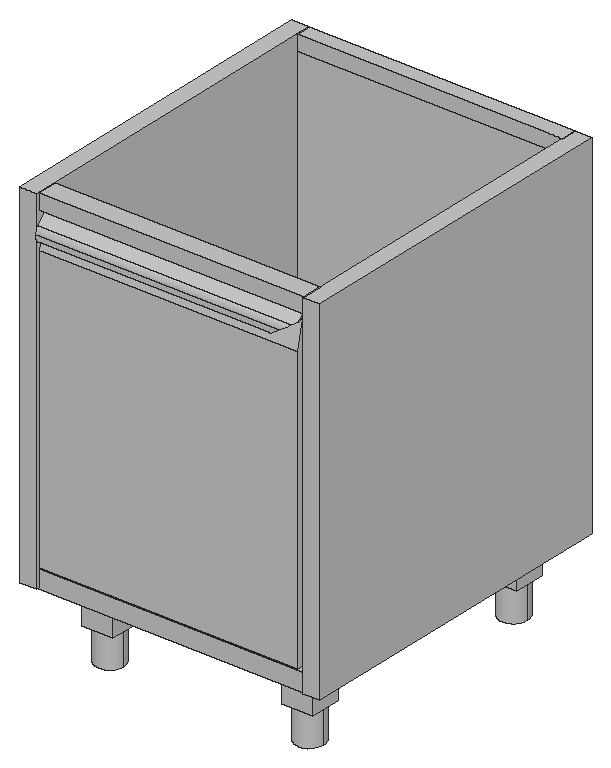
Revit family "QF_ELECTROLUXPROFESSIONAL_121201_TELP6", category Attrezzature speciali, Revit 2020
Family settings
  Quota connettore circolare = Usa diametro
  Tipo di parte = Normale
  Basato su piano di lavoro = No
  Sempre verticale = Sì
  Taglio con vuoti quando caricato = No
  Condiviso = No
  Punto di calcolo locali = No
Parameters (values of type "Standard")
  Weight = 22.00 kg
  Watts = 0 W
  Volts = 0 V
  URL Manufacturer = "https://www.electroluxprofessional.com/"
  URL = "https://www.electroluxprofessional.com/"
  Steam Supply Size = 0 mm
  Steam Supply Minimum Pressure = 0.0 Pa
  Steam Supply Maximum Pressure = 0.0 Pa
  Steam Consumption per Hour = 0
  Refrigeration Suction Line Size = 0.0 mm
  Refrigeration Liquid Line Size = 0.0 mm
  Refrigerant Compressor Remote = yes
  Prospetto di default = 0.0 mm
  Phase = 0
  Modello = "TELP6"
  Produttore = "Electrolux Professional"
  Length Actual = 600.0 mm  # constant formula
  Item Number = "121201"
  Hot Water Size = 0 mm
  Height Actual = 860.0 mm  # constant formula
  HP = "0 HP"
  Gas Size = 0 mm
  Gas KW = 0
  Gas Input Pressure = 0 W
  Direct Waste Size = 0 mm
  Descrizione = "CUPBOARD BASE FOR SINK TOP 600MM"
  Depth Actual = 680.0 mm  # constant formula
  Cycle = 0 Hz
  Condensate Return Size = 0 mm
  Compressed Air Volume = 0.0 L/s
  Compressed Air Size = 0 mm
  Compressed Air Pressure = 0.0 Pa
  Cold Water Size = 0 mm
  Accessory = yes
Reference planes
  plane 1 "Center (Front/Back)": y = 0
  plane 2: z = 0
  plane 3 "Center (Left/Right)": x = -304.433
  plane 4 "LEFT": x = -604.433
  plane 5 "RIGHT": x = -4.433
  plane 6 "BACK": y = 340
  plane 7 "FRONT": y = -340
  plane 8 "Base": z = 860
  plane 9 "TOP": z = 900
  plane 10: x = -504.433
  plane 11: x = -104.433
  plane 12: y = 270
  plane 13: y = -240
  plane 14 "FEET": z = 150
  plane 15: x = -570.433
  plane 16: x = -38.433
  plane 17: y = -337
  plane 18: y = 310
  plane 19: y = -900
Forms (mm)
  Extrusion 1, solid, material "QF_Finishes_Stainless Steel"
    sketch origin (0, 0, 150) x (-1, 0, 0) y (0, -1, 0)
      loop
        line (604.433, -340) -> (604.433, 340) -> (570.433, 340) -> (570.433, -340) -> (604.433, -340)
      loop
        line (38.433, -340) -> (38.433, 340) -> (4.433, 340) -> (4.433, -340) -> (38.433, -340)
    from 0 to 710
  Extrusion 2, solid, material "QF_Finishes_Stainless Steel"
    sketch origin (0, 0, 150) x (-1, 0, 0) y (0, -1, 0)
      loop
        line (570.433, -310) -> (570.433, 337) -> (38.433, 337) -> (38.433, -310) -> (570.433, -310)
    from 0 to 35
  Extrusion 3, solid, material "QF_Finishes_Stainless Steel"
    sketch origin (0, 0, 0) x (1, 0, 0) y (0, 1, 0)
      loop
        line (-38.433, -297) -> (-38.433, -295.502) -> (-40.433, -295.502) -> (-40.433, -297) -> (-38.433, -297)
    from 490 to 520
  Extrusion 4, solid, material "QF_Finishes_Stainless Steel"
    sketch origin (0, 0, 0) x (1, 0, 0) y (0, 1, 0)
      loop
        line (-570.433, -337) -> (-38.433, -337) -> (-38.433, -297) -> (-570.433, -297) -> (-570.433, -337)
      loop
        line (-570.433, 340) -> (-570.433, 310) -> (-38.433, 310) -> (-38.433, 340) -> (-570.433, 340)
    from 830 to 860
  Extrusion 5, solid, material "QF_Finishes_Stainless Steel"
    sketch origin (0, 0, 150) x (-1, 0, 0) y (0, -1, 0)
      loop
        line (570.433, -340) -> (570.433, -310) -> (38.433, -310) -> (38.433, -340) -> (570.433, -340)
    from 680 to 0
Lines and regions (mm)
  symbolic lines, style "SpecialityEquipmentHiddenLines"
    curve 1: line (-4.433, 340, 900) -> (-604.433, 340, 900)
    curve 2: line (-4.433, -340, 900) -> (-4.433, 340, 900)
    curve 3: line (-604.433, -344.5, 150) -> (-604.433, 340, 150)
    curve 4: line (-604.433, -340, 150) -> (-570.433, -340, 150)
    curve 5: line (-570.433, -340, 150) -> (-570.433, -337, 150)
    curve 6: line (-570.433, -337, 150) -> (-38.433, -337, 150)
    curve 7: line (-38.433, -337, 150) -> (-38.433, -340, 150)
    curve 8: line (-38.433, -340, 150) -> (-4.433, -340, 150)
Dimensions and locks
  plane 4 "LEFT" to plane 5 "RIGHT" = 600.0 mm
  equal spacing: plane 4 "LEFT", plane 3 "Center (Left/Right)", plane 5 "RIGHT"
  plane 6 "BACK" to plane 7 "FRONT" = 680.0 mm
  equal spacing: plane 6 "BACK", plane 1 "Center (Front/Back)", plane 7 "FRONT"
  locked: plane 14 "FEET" to level at 150
  locked: plane 4 "LEFT" to plane 10 at 100
  locked: plane 11 to plane 5 "RIGHT" at 100
  locked: plane 4 "LEFT" to plane 15 at 34
  locked: plane 16 to plane 5 "RIGHT" at 34
  plane 17 to plane 7 "FRONT" = 3.0 mm
  plane 6 "BACK" to plane 18 = 30.0 mm
  locked: plane 6 "BACK" to plane 12 at 70
  locked: plane 13 to plane 7 "FRONT" at 100
  locked: plane 8 "Base" to level at 860
  locked: plane 9 "TOP" to level at 900
  plane 6 "BACK" to plane 19 = 1240.0 mm
  aligned and locked: level to plane 2
  aligned and locked: plane 10 to nested 1
  aligned and locked: plane 11 to nested 2
  aligned and locked: plane 11 to nested 4
  aligned and locked: nested 4 to plane 12
  aligned and locked: plane 10 to nested 3
  aligned and locked: nested 3 to plane 12
  aligned and locked: plane 8 "Base" to Extrusion 1
  aligned and locked: plane 6 "BACK" to Extrusion 1 sketch curve
  aligned and locked: Extrusion 1 sketch curve to plane 6 "BACK"
  aligned and locked: plane 7 "FRONT" to Extrusion 1 sketch curve
  aligned and locked: Extrusion 1 sketch curve to plane 7 "FRONT"
  aligned and locked: plane 15 to Extrusion 1
  aligned and locked: Extrusion 1 to plane 16
  aligned and locked: Extrusion 2 to plane 15
  aligned and locked: plane 16 to Extrusion 2
  aligned and locked: plane 16 to Extrusion 3
  aligned and locked: plane 8 "Base" to Extrusion 4
  aligned and locked: Extrusion 2 to plane 17
  aligned and locked: Extrusion 2 to plane 18
  aligned and locked: Extrusion 4 to plane 17
  aligned and locked: plane 15 to Extrusion 5 sketch curve
  aligned and locked: Extrusion 5 sketch curve to plane 16
  aligned and locked: Extrusion 5 sketch curve to plane 6 "BACK"
  aligned and locked: Extrusion 5 sketch curve to plane 18
  aligned and locked: Extrusion 5 to Extrusion 4
  aligned and locked: Extrusion 5 to plane 14 "FEET"
  aligned and locked: plane 6 "BACK" to Extrusion 4
  aligned and locked: nested 1 to plane 13
  aligned and locked: nested 2 to plane 13
Automatic sketch dimensions
  curve 2 to plane 5 "RIGHT" = 0.0 mm
  curve 2 to plane 7 "FRONT" = 0.0 mm
  curve 1 to plane 4 "LEFT" = 0.0 mm
  curve 1 to plane 6 "BACK" = 0.0 mm
  Extrusion 1 sketch curve to plane 5 "RIGHT" = 0.0 mm
  Extrusion 1 sketch curve to plane 16 = 0.0 mm
  Extrusion 1 sketch curve to plane 15 = 0.0 mm
  Extrusion 1 sketch curve to plane 4 "LEFT" = 0.0 mm
  Extrusion 2 sketch curve to plane 16 = 0.0 mm
  Extrusion 2 sketch curve to plane 15 = 0.0 mm
  plane 18 to Extrusion 2 sketch curve = 0.0 mm
  Extrusion 2 sketch curve to plane 17 = 0.0 mm
  curve 8 to plane 5 "RIGHT" = 0.0 mm
  curve 8 to plane 7 "FRONT" = 0.0 mm
  curve 8 to plane 16 = 0.0 mm
  curve 6 to plane 15 = 0.0 mm
  curve 3 to plane 4 "LEFT" = 0.0 mm
  curve 3 to plane 6 "BACK" = 0.0 mm
  curve 6 to plane 17 = 0.0 mm
  curve 4 to plane 7 "FRONT" = 0.0 mm
  curve 4 to curve 3 = 4.5 mm
  Extrusion 4 sketch curve to plane 15 = 0.0 mm  (x2)
  Extrusion 4 sketch curve to plane 6 "BACK" = 0.0 mm
  Extrusion 4 sketch curve to plane 16 = 0.0 mm  (x2)
  Extrusion 4 sketch curve to plane 17 = 0.0 mm
  plane 18 to Extrusion 4 sketch curve = 0.0 mm
  plane 17 to Extrusion 4 sketch curve = 40.0 mm
  plane 17 to Extrusion 3 sketch curve = 40.0 mm
  Extrusion 3 sketch curve to plane 16 = 2.0 mm
  Extrusion 3 sketch curve to Extrusion 3 sketch curve = 1.498 mm
  Extrusion 3 sketch curve to plane 16 = 0.0 mm
Nested families
  nested 1: "FEET_L63-150" at (-504.433, -240, 0), type "FEET_L63-150"
  nested 2: "FEET_L63-150" at (-104.433, -240, 0), type "FEET_L63-150"
  nested 3: "FEET_L63-150" at (-504.433, 270, 0), type "FEET_L63-150"
  nested 4: "FEET_L63-150" at (-104.433, 270, 0), type "FEET_L63-150"
  nested 5: "H637_600_1DOOR" at (-344.864, -297, 150) x (1, 0, 0) z (0, -1, 0), type "H637_600_1DOOR"
    with Width 600.0 mm, Show Clearance yes
Definition of nested family "FEET_L63-150"
  Parameters
    Default Elevation = 0.0 mm
    FEET = 150.0 mm
  Reference planes
    plane 1 "Center (Front/Back)": y = 0
    plane 2: z = 0
    plane 3 "Center (Left/Right)": x = 0
    plane 4: z = 150
  Forms (mm)
    Extrusion 1, solid
      sketch origin (0, 0, 0) x (1, 0, 0) y (0, 1, 0)
        loop
          circle (0, 0) r 28
      from 0 to 67
    Extrusion 2, solid
      sketch origin (0, 0, 0) x (1, 0, 0) y (0, 1, 0)
        loop
          line (31.561, 31.5) -> (-31.439, 31.5) -> (-31.439, -31.5) -> (31.561, -31.5) -> (31.561, 31.5)
      from 67 to 150 <- "FEET"
  Lines and regions (mm)
    symbolic lines
      curve 1: line (0, -1.503, 0) -> (0, 1.508, 0)
      curve 2: line (1.561, 0, 0) -> (-1.439, 0, 0)
  Dimensions and locks
    "FEET": plane 4 to plane 2
    aligned and locked: level to plane 2
  Automatic sketch dimensions
    plane 1 "Center (Front/Back)" to Extrusion 1 sketch curve = 0.0 mm
    Extrusion 1 sketch curve to plane 3 "Center (Left/Right)" = 0.0 mm
    plane 1 "Center (Front/Back)" to curve 2 = 0.0 mm
    curve 1 to plane 3 "Center (Left/Right)" = 0.0 mm
    curve 2 to plane 3 "Center (Left/Right)" = 1.439 mm
    plane 3 "Center (Left/Right)" to curve 2 = 1.561 mm
    plane 1 "Center (Front/Back)" to curve 1 = 1.503 mm
    curve 1 to plane 1 "Center (Front/Back)" = 1.508 mm
    Extrusion 2 sketch curve to plane 1 "Center (Front/Back)" = 31.5 mm
    Extrusion 2 sketch curve to plane 3 "Center (Left/Right)" = 31.439 mm
    plane 3 "Center (Left/Right)" to Extrusion 2 sketch curve = 31.561 mm
    plane 1 "Center (Front/Back)" to Extrusion 2 sketch curve = 31.5 mm
    radius of Extrusion 1 sketch curve = 28.0 mm
Definition of nested family "H637_600_1DOOR"
  Parameters
    Width [instance] = 600.0 mm
    Show Clearance [instance] = yes
    Model = "727995"
    Height = 710.0 mm
    Default Elevation = 0.0 mm
  Reference planes
    plane 1 "Center (Front/Back)": y = 0
    plane 2: z = 0
    plane 3 "Center (Left/Right)": x = 36.042
    plane 4 "panel": z = 25
    plane 5 "Left": x = -263.958
    plane 6 "Right": x = 336.042
    plane 7: y = 710
    plane 8: z = 45
    plane 9: x = 294.542
    plane 10: x = -222.458
    plane 11: y = 672
    plane 12: y = 38
    plane 13: z = 603
  Forms (mm)
    Extrusion 1, solid
      sketch origin (0, -919.2, 0) x (1, 0, 0) y (0, 1, 0)
        loop
          line (-980.5, 2119.2) -> (-980.5, -162.846) -> (881.94, -162.846) -> (881.94, 2119.2) -> (-980.5, 2119.2)
      from 0 to -59.546
    Extrusion 2, solid
      sketch origin (36.042, -219.693, 0) x (0, 1, 0) y (0, 0, 1)
        loop
          line (848.63, 49.734) -> (848.63, 47.734) -> (858.98, 47.734)
          arc (858.98, 47.734) -> (865.586, 46.42) -> (871.186, 42.679) r 17.261
          line (871.186, 42.679) -> (888.019, 25.845) -> (891.693, 25) -> (872.6, 44.093)
          arc (872.6, 44.093) -> (866.351, 48.268) -> (858.98, 49.734) r 19.261
          line (858.98, 49.734) -> (848.63, 49.734)
      from -258.5 to 258.5
    Extrusion 3, void
      sketch origin (0, -219.693, 25) x (1, 0, 0) y (0, 1, 0)
        loop
          line (304.066, 839.859) -> (304.066, 882.225) -> (294.542, 882.225)
          arc (294.542, 882.225) -> (294.188, 880.688) -> (293.373, 879.339) r 5
          line (293.373, 879.339) -> (250.697, 850.51)
          arc (250.697, 850.51) -> (247.766, 849.11) -> (244.554, 848.63) r 10.974
          line (244.554, 848.63) -> (-217.698, 848.63)
          arc (-217.698, 848.63) -> (-221.064, 850.024) -> (-222.458, 853.39) r 4.76
          line (-222.458, 853.39) -> (-222.458, 839.859) -> (304.066, 839.859)
      from 0 to 27.674
    Extrusion 4, solid
      sketch origin (36.042, -190, 0) x (0, 1, 0) y (0, 0, 1)
        loop
          line (228, 40) -> (228, 0) -> (862, 0) -> (862, 25) -> (796.797, 40) -> (228, 40)
      from 258.5 to -258.5
    Extrusion 5, solid, detail levels coarse
      sketch origin (0, 0, 0) x (1, 0, 0) y (0, 0, 1)
        loop
          arc (294.542, 603) -> (-76.265, 428.055) -> (-222.458, 45) r 548.991
          line (-222.458, 45) -> (294.542, 45) -> (294.542, 603)
      from -672 to -38
  Cuts and joins
    Extrusion 3 cuts Extrusion 2
  Lines and regions (mm)
    symbolic lines
      curve 1: line (294.542, 0, 40) -> (294.542, 0, 603)
      curve 2: line (263.235, 0, 49.734) -> (-222.458, 0, 49.734)
      curve 3: spline (282.959, 0, 44.389) -> (281.421, 0, 45.265) -> (279.856, 0, 46.066) -> (278.265, 0, 46.791) -> (276.651, 0, 47.437) -> (275.017, 0, 48.005) -> (273.365, 0, 48.493) -> (271.698, 0, 48.9) -> (270.019, 0, 49.226) -> (268.331, 0, 49.471) -> (266.636, 0, 49.633) -> (264.936, 0, 49.712) -> (263.236, 0, 49.71)
      curve 4: line (289.456, 0, 40) -> (282.959, 0, 44.389)
      curve 5: line (-222.458, 0, 49.734) -> (-222.458, 0, 40)
      curve 6: arc (294.542, 0, 603) -> (-76.265, 0, 428.055) -> (-222.458, 0, 45) r 548.991
  Dimensions and locks
    plane 4 "panel" to level = 25.0 mm
    "Width": plane 5 "Left" to plane 6 "Right"
    equal spacing: plane 5 "Left", plane 3 "Center (Left/Right)", plane 6 "Right"
    "Height": plane 1 "Center (Front/Back)" to plane 7
    plane 9 to plane 6 "Right" = 41.5 mm
    plane 5 "Left" to plane 10 = 41.5 mm
    plane 7 to plane 11 = 38.0 mm
    plane 1 "Center (Front/Back)" to plane 12 = 38.0 mm
    plane 10 to plane 9 = 517.0 mm
    aligned and locked: plane 2 to Extrusion 1
    aligned and locked: level to Extrusion 1
    aligned and locked: plane 10 to Extrusion 2
    aligned and locked: plane 9 to Extrusion 2
    aligned and locked: plane 10 to Extrusion 4
    aligned and locked: plane 9 to Extrusion 4
  Automatic sketch dimensions
    Extrusion 1 sketch curve to Extrusion 1 sketch curve = 1862.44 mm
    Extrusion 1 sketch curve to Extrusion 1 sketch curve = 2282.046 mm
    Extrusion 3 sketch curve to plane 10 = 0.0 mm
    Extrusion 3 sketch curve to plane 9 = 0.0 mm
    Extrusion 3 sketch curve to Extrusion 3 sketch curve = 4.76 mm
    Extrusion 3 sketch curve to plane 9 = 49.988 mm
    Extrusion 3 sketch curve to Extrusion 3 sketch curve = 6.143 mm
    Extrusion 3 sketch curve to plane 9 = 4.988 mm
    Extrusion 3 sketch curve to plane 9 = 1.169 mm
    Extrusion 3 sketch curve to plane 6 "Right" = 31.976 mm
    Extrusion 3 sketch curve to plane 7 = 89.834 mm
    Extrusion 3 sketch curve to Extrusion 3 sketch curve = 8.771 mm
    Extrusion 3 sketch curve to Extrusion 3 sketch curve = 1.88 mm
    Extrusion 3 sketch curve to Extrusion 3 sketch curve = 39.48 mm
    Extrusion 3 sketch curve to Extrusion 3 sketch curve = 2.886 mm
    Extrusion 4 sketch curve to level = 0.0 mm
    Extrusion 4 sketch curve to plane 12 = 0.0 mm
    Extrusion 4 sketch curve to plane 4 "panel" = 0.0 mm
    Extrusion 4 sketch curve to plane 11 = 0.0 mm
    Extrusion 4 sketch curve to plane 8 = 5.0 mm
    Extrusion 4 sketch curve to plane 11 = 65.203 mm
    Extrusion 2 sketch curve to Extrusion 2 sketch curve = 0.0 mm  (x2)
    Extrusion 2 sketch curve to plane 4 "panel" = 0.0 mm
    Extrusion 2 sketch curve to plane 11 = 0.0 mm
    Extrusion 2 sketch curve to plane 8 = 0.907 mm
    Extrusion 2 sketch curve to plane 11 = 19.093 mm
    Extrusion 2 sketch curve to plane 8 = 2.321 mm
    Extrusion 2 sketch curve to Extrusion 2 sketch curve = 1.414 mm
    plane 4 "panel" to Extrusion 2 sketch curve = 5.474 mm
    Extrusion 2 sketch curve to Extrusion 2 sketch curve = 12.205 mm
    Extrusion 2 sketch curve to Extrusion 2 sketch curve = 10.351 mm
    plane 4 "panel" to Extrusion 2 sketch curve = 0.845 mm
    Extrusion 2 sketch curve to plane 11 = 3.674 mm
    plane 10 to curve 5 = 0.0 mm
    curve 1 to plane 9 = 0.0 mm
    curve 1 to plane 13 = 0.0 mm
    curve 4 to plane 8 = 0.611 mm
    curve 4 to plane 9 = 11.583 mm
    plane 8 to curve 2 = 4.734 mm
    curve 2 to curve 3 = 19.723 mm
    curve 2 to curve 3 = 0.0 mm
    curve 3 to curve 3 = 0.908 mm
    curve 4 to plane 9 = 5.086 mm
    curve 3 to level = 1.281 mm
    curve 1 to plane 8 = 5.0 mm
    curve 4 to plane 8 = 5.0 mm
    curve 5 to plane 8 = 5.0 mm
    curve 3 to curve 2 = 0.025 mm
    Extrusion 5 sketch curve to plane 8 = 0.0 mm
    plane 10 to Extrusion 5 sketch curve = 0.0 mm
    Extrusion 5 sketch curve to plane 9 = 0.0 mm
    Extrusion 5 sketch curve to plane 13 = 0.0 mm
    plane 8 to Extrusion 5 sketch curve = 9.937 mm
    curve 6 to plane 8 = 0.0 mm
    plane 8 to curve 6 = 9.937 mm
